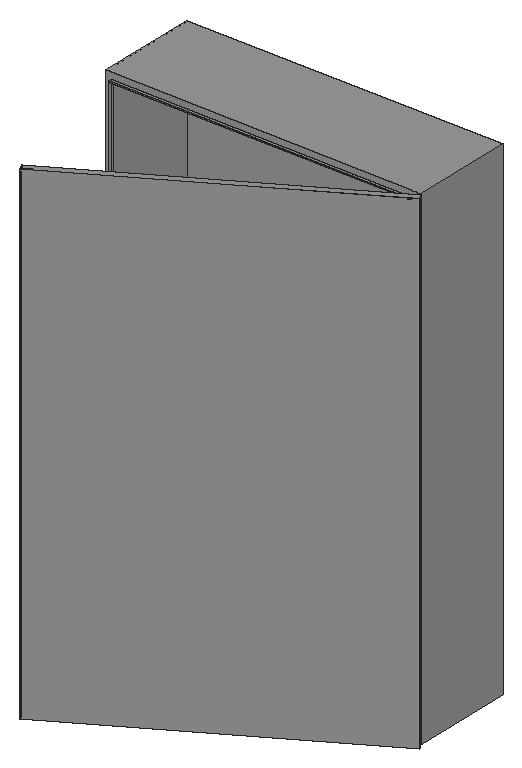
Revit family "Hager-Univers-IP55-D275-H1250-Cl.II-Steel_encl-NoHosted-NL-en", category Equipement électrique, Revit 2020
Family settings
  Configuration du panneau = Deux colonnes, circuits au sein
  Cote de connecteur circulaire = Utiliser le diamètre
  Type d'élément = Tableau de raccordement
  Basée sur le plan de construction = Oui
  Toujours verticalement = Oui
  Couper avec des vides une fois chargée = Non
  Partagée = Non
  Point de calcul de pièce = Non
Parameters (values of type "Surface mounted (plaster) IP55 W800 H1250 D275  - FR83S")
  Width Control [instance] = if([EF000008 - Width] > Min Width, [EF000008 - Width], Min Width)  # 800 mm
  Commentaires du type = [HG000003 - Range]  # "Univers"
  Thickness Door [instance] = if([EF009171 - Material plate thickness door/cover] > 3 mm, 3 mm, [EF009171 - Material plate thickness door/cover])  # 1.5 mm
  Seal Frame Offset [instance] = 17 mm  # constant formula
  Plinth Visibility [instance] = [HG000027 - Plinth height] > 0 mm  # no
  Min Width [instance] = 100 mm  # constant formula
  Min Depth [instance] = (2 * [EF009170 - Material plate thickness cabinet]) + 1 mm  # 4 mm
  Min Height [instance] = 100 mm  # constant formula
  Internal Frame Depth [instance] = (Door System Depth * 0.5)  # 9 mm
  Panel Name [instance] = ""  # (empty or 0)
  Model = ""
  HG000027 - Plinth height = 0 mm
  HG000026 - Floor standing = no
  HG000024 - Bottom section height = 600 mm
  HG000023 - Double section enclosure = no
  HG000016 - Door 3d visibility [instance] = yes
  HG000015 - Clearance visibility [instance] = no
  HG000014 - Door on the right [instance] = yes
  HG000013 - Door on the left [instance] = not([HG000014 - Door on the right])  # no
  HG000012 - Door swing angle [instance] = 30.00°
  HG000010 - Asymmetric doors = no
  HG000009 - Double swing door = no
  HG000006 - Flush mounted = no
  HG000004 - Manufacturer reference = "FR83S"
  HG000003 - Range = "Univers"
  HG000002 - With door or cover = yes
  Frame Offset Bottom [instance] = 10 mm  # constant formula
  Frame Offset [instance] = 15 mm  # constant formula
  EF015940 - Cover with overpressure release = no
  EF011959 - Degree of protection (NEMA) = ""
  EF009554 - Number of openings for flange plates = 6
  EF009212 - Cover model = "EV000116 - Closed"
  EF009171 - Material plate thickness door/cover = 1.5 mm
  EF009170 - Material plate thickness cabinet = 1.5 mm
  EF008873 - Nominal current (In) = 800 A
  EF007800 - Suitable for lightning protection = no
  EF006306 - With lock = no
  EF006244 - Transparent cover/door = no
  EF005474 - Degree of protection (IP) = "EV006420 - IP55"
  EF004464 - Type of door = "EV002646 - Single"
  EF004427 - Number of modules = 288
  EF004293 - Impact strength = "EV008784 - IK10"
  EF003532 - Suitable for outdoor use = no
  EF002950 - Width in number of modular spacings = 24
  EF001613 - Circuit integrity = "EV000494 - None"
  EF001596 - Material housing = "EV000179 - Steel"
  EF001131 - Internal depth = 275 mm
  EF001088 - Extension possible = yes
  EF000437 - Number of conduit inlets = 6
  EF000339 - Type of cover = "EV004216 - Door"
  EF000266 - Number of rows = 8
  EF000218 - Built-in depth = 0 mm
  EF000118 - With mounting plate = no
  EF000116 - RAL-number = "7035"
  EF000049 - Depth = 275 mm
  EF000040 - Height = 1250 mm
  EF000008 - Width = 800 mm
  EF000007 - Colour = "EV000270 - Grey"
  EF000003 - Mounting method = "EV000384 - Surface mounted (plaster)"
  Door System Leaf Tolerance [instance] = 1.5 mm  # constant formula
  Door System Depth [instance] = 18 mm  # constant formula
  Door Height [instance] = Height Control - [HG000027 - Plinth height]  # 1250 mm
  Description = ""
  Default Elevation = 1219.2 mm
  Connector Offset [instance] = Height Control / 2  # 625 mm
  Fabricant = "Hager"  # constant formula
  Height Control [instance] = if([EF000040 - Height] > Min Height, [EF000040 - Height], Min Height)  # 1250 mm
  Depth Control [instance] = if([EF000049 - Depth] > Min Depth, [EF000049 - Depth], Min Depth)  # 275 mm
  Bottom Top Plate Trim [instance] = 1.5 mm  # constant formula
  Plinth height Ctrl [instance] = if([HG000027 - Plinth height] > 0 mm, [HG000027 - Plinth height], 12 mm)  # 12 mm
Types (5, lengths in mm): name | Width Control | HG000010 - Asymmetric doors | HG000009 - Double swing door | HG000004 - Manufacturer reference | EF009554 - Number of openings for flange plates | EF004464 - Type of door | EF004427 - Number of modules | EF000437 - Number of conduit inlets | EF000008 - Width
  Surface mounted (plaster) IP55 W1050 H1250 D275  - FR84S | 1050 | no | yes | "FR84S" | 8 | "EV003602 - Double" | 384 | 8 | 1050
  Surface mounted (plaster) IP55 W1300 H1250 D275  - FR85S | 1300 | yes | yes | "FR85S" | 10 | "EV003602 - Double" | 480 | 10 | 1300
  Surface mounted (plaster) IP55 W300 H1250 D275  - FR81S | 300 | no | no | "FR81S" | 2 | "EV002646 - Single" | 96 | 2 | 300
  Surface mounted (plaster) IP55 W550 H1250 D275  - FR82S | 550 | no | no | "FR82S" | 4 | "EV002646 - Single" | 192 | 4 | 550
  Surface mounted (plaster) IP55 W800 H1250 D275  - FR83S | 800 | no | no | "FR83S" | 6 | "EV002646 - Single" | 288 | 6 | 800
Reference planes
  plane 1 "Center (Front/Back)": y = 0
  plane 2: z = 0
  plane 3 "Center (Left/Right)": x = 0
  plane 4: y = 0
  plane 5: y = 0
  plane 6: z = 0
  plane 7: x = -400
  plane 8: x = 400
  plane 9: x = 398.5
  plane 10: x = -398.5
  plane 11: z = 0
  plane 12: z = 1.5
  plane 13: y = -275
  plane 14: y = -1.5
  plane 15: x = 0
  plane 16: y = -257
  plane 17: y = -273.5
  plane 18: y = -255.5
  plane 19: x = -383.5
  plane 20: x = 383.5
  plane 21: z = 11.5
  plane 22: x = -383
  plane 23: x = 383
  plane 24: z = 0
  plane 25: z = 1250
  plane 26: z = 1250
  plane 27: z = 1233.5
  plane 28: z = 1248.5
Forms (mm)
  Extrusion 1, solid, material "Hager_Steel_RAL7035_Light_Grey", detail levels medium+fine
    sketch origin (-208.679, -4572, 0) x (-1, 0, 0) y (0, -1, 0)
      loop
        line (191.321, -4315) -> (-608.679, -4315) -> (-608.679, -4572) -> (191.321, -4572) -> (191.321, -4315)
    from 0 to 1250
  Extrusion 2, void
    sketch origin (-350.771, -275, 1219.2) x (1, 0, 0) y (0, 0, 1)
      loop
        line (-47.729, 29.3) -> (-47.729, -1217.7) -> (749.271, -1217.7) -> (749.271, 29.3) -> (-47.729, 29.3)
    from -19.5 to -273.5
  Extrusion 3, void
    sketch origin (-290.084, -257, 1219.2) x (1, 0, 0) y (0, 0, 1)
      loop
        line (-93.416, -1207.7) -> (673.584, -1207.7) -> (673.584, 14.3) -> (-93.416, 14.3) -> (-93.416, -1207.7)
    from 0 to -1.5
  Extrusion 4, solid, material "Hager_Steel_RAL7035_Light_Grey", visible <- "Plinth Visibility", detail levels medium+fine
    sketch origin (0, 0, 0) x (1, 0, 0) y (0, 1, 0)
      loop
        line (-400, 0) -> (-400, -257) -> (400, -257) -> (400, 0) -> (-400, 0)
    from 0 to 12 <- "Plinth height Ctrl"
  Extrusion 5, solid, material "Hager_Steel_RAL7035_Light_Grey", detail levels coarse
    sketch origin (0, 0, 0) x (1, 0, 0) y (0, 1, 0)
      loop
        line (-400, 0) -> (-400, -275) -> (400, -275) -> (400, 0) -> (-400, 0)
    from 0 to 1250 <- "Height Control"
  Sweep 6, void
    path in 3D
      loop
        line (-400, -257, 12) -> (400, -257, 12) -> (400, 0, 12) -> (-400, 0, 12) -> (-400, -257, 12)
    profile origin (-400, -128.5, 12) x (1, 0, 0) y (0, 0, 1)
      loop
        line (0, 0) -> (0, -1.5) -> (1.5, -1.5)
        arc (1.5, -1.5) -> (1.061, -0.439) -> (0, 0) r 1.5
  Extrusion 7, solid, material "Hager_Steel_RAL7035_Light_Grey", detail levels fine
    sketch origin (-400, -257, 0) x (1, 0, 0) y (0, 0, 1)
      loop
        line (16.5, 11.5) -> (783.5, 11.5) -> (783.5, 1233.5) -> (16.5, 1233.5) -> (16.5, 11.5)
      loop
        line (15, 10) -> (785, 10) -> (785, 1235) -> (15, 1235) -> (15, 10)
    from 0 to 9 <- "Internal Frame Depth"
Cuts and joins
  Extrusion 2, Extrusion 3 cuts Extrusion 1
  Sweep 6 cuts Extrusion 4
Lines and regions (mm)
  Masking region 1
    outline origin (0, 0, 0) x (1, 0, 0) y (0, 1, 0)
      loop
        line (-400, 0) -> (-400, -275) -> (400, -275) -> (400, 0) -> (-400, 0)
  Masking region 2, detail levels coarse
    outline origin (-290.084, -257, 1219.2) x (-1, 0, 0) y (0, 0, 1)
      loop
        line (-690.084, -1219.2) -> (109.916, -1219.2) -> (109.916, 30.8) -> (-690.084, 30.8) -> (-690.084, -1219.2)
  Masking region 3, detail levels coarse
    outline origin (0, 0, 0) x (0, 1, 0) y (0, 0, 1)
      loop
        line (0, 0) -> (0, 1250) -> (-275, 1250) -> (-275, 0) -> (0, 0)
  Masking region 4, visible <- "Plinth Visibility", detail levels medium+fine
    outline origin (0, 0, 0) x (0, 1, 0) y (0, 0, 1)
      loop
        line (-1.5, 12) -> (-255.5, 12)
        arc (-255.5, 12) -> (-255.939, 10.939) -> (-257, 10.5) r 1.5
        line (-257, 10.5) -> (-257, 0) -> (0, 0) -> (0, 10.5)
        arc (0, 10.5) -> (-1.061, 10.939) -> (-1.5, 12) r 1.5
  Masking region 5, detail levels medium+fine
    outline origin (0, 0, 594.038) x (0, 1, 0) y (0, 0, 1)
      loop
        line (0, -594.038) -> (0, 655.962) -> (-257, 655.962) -> (-257, -594.038) -> (0, -594.038)
  Masking region 6, detail levels medium+fine
    outline origin (-359.7, -257, 1211.883) x (-1, 0, 0) y (0, 0, 1)
      loop
        line (-759.7, -1211.883) -> (40.3, -1211.883) -> (40.3, 38.117) -> (-759.7, 38.117) -> (-759.7, -1211.883)
  Masking region 7, visible <- "Plinth Visibility", detail levels medium+fine
    outline origin (-320.334, -257, 1041.368) x (-1, 0, 0) y (0, 0, 1)
      loop
        line (-720.334, -1041.368) -> (79.666, -1041.368) -> (79.666, -1030.868)
        arc (79.666, -1030.868) -> (78.606, -1030.429) -> (78.166, -1029.368) r 1.5
        line (78.166, -1029.368) -> (-718.834, -1029.368)
        arc (-718.834, -1029.368) -> (-719.273, -1030.429) -> (-720.334, -1030.868) r 1.5
        line (-720.334, -1030.868) -> (-720.334, -1041.368)
  sketch lines
    curve 1: line (-400, 0, 12) -> (-400, -257, 12)
    curve 2: line (-400, -257, 12) -> (400, -257, 12)
    curve 3: line (400, 0, 12) -> (-400, 0, 12)
    curve 4: line (400, -257, 12) -> (400, 0, 12)
Dimensions and locks
  locked: plane 1 "Center (Front/Back)" to plane 5
  "EF009170 - Material plate thickness cabinet": plane 7 to plane 10
  "EF009170 - Material plate thickness cabinet": plane 8 to plane 9
  equal spacing: plane 7, plane 3 "Center (Left/Right)", plane 8
  "Width Control": plane 7 to plane 8
  "Depth Control": plane 4 to plane 13
  "EF009170 - Material plate thickness cabinet": plane 4 to plane 14
  "Height Control": plane 25 to level
  "HG000027 - Plinth height": plane 11 to level
  "EF009170 - Material plate thickness cabinet": plane 12 to plane 11
  "EF009170 - Material plate thickness cabinet": plane 17 to plane 13
  "EF009170 - Material plate thickness cabinet": plane 18 to plane 16
  "Frame Offset Bottom": plane 21 to plane 12
  "Frame Offset": plane 10 to plane 19
  "Frame Offset": plane 9 to plane 20
  "Door System Depth": plane 16 to plane 13
  "Seal Frame Offset": plane 7 to plane 22
  "Seal Frame Offset": plane 8 to plane 23
  "EF009170 - Material plate thickness cabinet": plane 26 to plane 28
  "Frame Offset": plane 28 to plane 27
  "Connector Offset": plane 2 to connector elem
  "Bottom Top Plate Trim": profile plane to Sweep 6 sketch curve
  "Bottom Top Plate Trim": Sweep 6 sketch curve to Sweep 6 sketch curve
  "Plinth height Ctrl": Masking region 4 sketch curve to level
  "Plinth height Ctrl": Masking region 7 sketch curve to level
  "Thickness Door": Extrusion 7 sketch curve to Extrusion 7 sketch curve  (x4)
  "Bottom Top Plate Trim": radius of Sweep 6 sketch curve
  "Bottom Top Plate Trim": radius of Masking region 4 sketch curve  (x2)
  "Bottom Top Plate Trim": radius of Masking region 7 sketch curve  (x2)
  aligned and locked: Extrusion 2 sketch curve to plane 12
  aligned and locked: Extrusion 2 sketch curve to plane 9
  aligned and locked: Extrusion 2 sketch curve to plane 10
  aligned and locked: Extrusion 2 to plane 14
  aligned and locked: Extrusion 1 sketch curve to plane 4
  aligned and locked: plane 8 to Extrusion 1 sketch curve
  aligned and locked: plane 7 to Extrusion 1 sketch curve
  aligned and locked: Extrusion 2 to plane 18
  aligned and locked: Extrusion 3 sketch curve to plane 19
  aligned and locked: plane 20 to Extrusion 3 sketch curve
  aligned and locked: Extrusion 3 to Extrusion 2
  aligned and locked: Extrusion 3 sketch curve to plane 21
  aligned and locked: plane 3 "Center (Left/Right)" to nested 1
  aligned and locked: Extrusion 1 sketch curve to plane 16
  aligned and locked: Extrusion 4 sketch curve to cut or joined group of Extrusion 1, Extrusion 2, Extrusion 3
  aligned and locked: Masking region 1 sketch curve to plane 7
  aligned and locked: Masking region 1 sketch curve to plane 5
  aligned and locked: Masking region 1 sketch curve to plane 8
  aligned and locked: Masking region 2 sketch curve to level
  aligned and locked: level to Masking region 3 sketch curve
  aligned and locked: plane 1 "Center (Front/Back)" to Masking region 3 sketch curve
  aligned and locked: plane 13 to Masking region 3 sketch curve
  aligned and locked: plane 5 to Masking region 4 sketch curve
  aligned and locked: Masking region 2 sketch curve to plane 8
  aligned and locked: Masking region 2 sketch curve to plane 7
  aligned and locked: plane 7 to nested 2
  aligned and locked: nested 2 to plane 5
  aligned and locked: plane 5 to Masking region 5 sketch curve
  aligned and locked: plane 26 to Masking region 5 sketch curve
  aligned and locked: Extrusion 5 sketch curve to plane 8
  aligned and locked: Extrusion 5 sketch curve to plane 7
  aligned and locked: Extrusion 5 sketch curve to plane 5
  aligned and locked: Extrusion 3 sketch curve to plane 27
  aligned and locked: Extrusion 2 sketch curve to plane 28
  aligned and locked: Masking region 2 to plane 25
  aligned and locked: Extrusion 4 to plane 16
  aligned and locked: profile plane to Sweep 6 sketch curve
  aligned and locked: Masking region 5 sketch curve to plane 24
  aligned and locked: level to Masking region 4 sketch curve
  aligned and locked: Masking region 1 to plane 13
  aligned and locked: nested 1 to plane 16
  aligned and locked: Masking region 3 to plane 25
  aligned and locked: plane 16 to Masking region 4 sketch curve
  aligned and locked: Masking region 5 sketch curve to plane 16
  aligned and locked: plane 24 to plane 11
  aligned and locked: plane 26 to plane 25
  aligned and locked: plane 26 to cut or joined group of Extrusion 1, Extrusion 2, Extrusion 3
  aligned and locked: nested 1 to plane 24
  aligned and locked: Extrusion 1 to Extrusion 3
  aligned and locked: Masking region 6 sketch curve to plane 8
  aligned and locked: Masking region 6 sketch curve to plane 24
  aligned and locked: Masking region 6 sketch curve to plane 7
  aligned and locked: Masking region 6 sketch curve to plane 26
  aligned and locked: Masking region 7 sketch curve to plane 7
  aligned and locked: level to Masking region 7 sketch curve
  aligned and locked: Masking region 7 sketch curve to plane 8
  aligned and locked: Extrusion 7 sketch curve to cut or joined group of Extrusion 1, Extrusion 2, Extrusion 3  (x4)
Automatic sketch dimensions
  plane 19 to Extrusion 3 sketch curve = 0 mm
  Extrusion 3 sketch curve to plane 20 = 0 mm
  Extrusion 3 sketch curve to plane 21 = 0 mm
  Extrusion 4 sketch curve to plane 7 = 0 mm
  Extrusion 4 sketch curve to plane 8 = 0 mm
  Extrusion 4 sketch curve to plane 16 = 0 mm
  Masking region 1 sketch curve to plane 13 = 0 mm
  Masking region 2 sketch curve to plane 25 = 0 mm
  Masking region 3 sketch curve to plane 25 = 0 mm
  Extrusion 5 sketch curve to plane 13 = 0 mm
  profile plane to Sweep 6 sketch curve = 0 mm
Nested families
  nested 1: "EC000058_Univers_Door" at (0, -257, 0), Double <- "HG000009 - Double swing door", Transparent <- "EF006244 - Transparent cover/door", Angle <- "HG000012 - Door swing angle", Door_Right <- "HG000014 - Door on the right", Assymetrical <- "HG000010 - Asymmetric doors", Door <- "HG000002 - With door or cover", Width_Ctrl <- "Width Control", 3d_Door <- "HG000016 - Door 3d visibility", Clearance <- "HG000015 - Clearance visibility", Door_Left <- "HG000013 - Door on the left", Width <- "Width Control", Door_Depth <- "Door System Depth", Leaf_Tolerance <- "Door System Leaf Tolerance", Height <- "Door Height", Lock_Visibility <- "EF006306 - With lock", Thickness <- "Thickness Door", type "EC000058_Univers_Door", detail levels medium+fine
    with min_wh 4 mm, Width_Ctrl 800 mm, Width 800 mm, Transparent no, Thickness 1.5 mm, Seal_Material Hager_Rubber, Lock_Visibility no, Lock_Material Hager_Plastic_RAL9005_Jet_Black, Leaf_Width 800 mm, Leaf_Tolerance_External_Sides 0 mm, Leaf_Tolerance 1.5 mm, Leaf_Offset 0 mm, Leaf_Height 1247 mm, Leaf_2_Width 800 mm, Leaf_2_Offset 400 mm, Leaf_1_Width 800 mm, Leaf_1_Offset 400 mm, Height_Ctrl 1250 mm, Height 1250 mm, Glass_Material Hager_Glass, Double_Clearance_Ctrl no, Double no, Door_Right_Ctrl yes, Door_Right yes, Door_Material Hager_Steel_RAL7035_Light_Grey, Door_Left_Ctrl no, Door_Left no, Door_Depth 18 mm, Door yes, Clearance_Material Hager_Clearance, Clearance_Depth 800 mm, Clearance_Ctrl no, Clearance no, Assymetrical no, Angle 30.00°, 3d_Door yes
  nested 2: "Hager_Enclosure_Symbol" at (-400, 0, 0), Height <- "Depth Control", Width <- "Width Control", type "Hager_Enclosure_Symbol"
    with Width_Ctrl 800 mm, Width 800 mm, Height_Ctrl 275 mm, Height 275 mm, A_Width_Int 18.047 mm, A_Width 216.562 mm, A_Height_Ctrl 240.625 mm, A_Height 240.625 mm
Connectors
  electrical at (0, 0, 625)
    settings: on plane 1 "Center (Front/Back)", index 1, voltage 0 V, apparent load 0 VA, apparent load phase1 0 VA, apparent load phase2 0 VA, apparent load phase3 0 VA, power factor 1, load classification "Other", number of poles 1, system type 30, power factor state 1, is connector primary yes, connector utility no, sub classification motor no, connector description ""
Definition of nested family "EC000058_Univers_Door"
  Parameters (values of type "EC000058_Univers_Door")
    min_wh [instance] = (2 * Thickness) + 1 mm  # 11 mm
    Width_Ctrl [instance] = 400 mm
    Width [instance] = 500 mm
    Transparent [instance] = yes
    Thickness [instance] = 5 mm
    Seal_Material [instance] = none
    Lock_Visibility [instance] = yes
    Lock_Material [instance] = none
    Leaf_Width [instance] = if((Width_Ctrl - 2 * Leaf_Tolerance_External_Sides) > 0 mm, (Width_Ctrl - 2 * Leaf_Tolerance_External_Sides), min_wh)  # 400 mm
    Leaf_Tolerance_External_Sides [instance] = 0 mm  # constant formula
    Leaf_Tolerance [instance] = 1.5 mm
    Leaf_Offset [instance] = 0 mm  # constant formula
    Leaf_Height [instance] = if((Height_Ctrl - 2 * Leaf_Tolerance) > 0 mm, (Height_Ctrl - 2 * Leaf_Tolerance), min_wh)  # 497 mm
    Leaf_2_Width [instance] = if(and(and(Double, Assymetrical), Door_Left), (Leaf_Width / 3) - (Leaf_Tolerance / 2), if(and(and(Double, Assymetrical), Door_Right), (Leaf_Width / 3) * 2 - (Leaf_Tolerance / 2), if(and(Double, not(Assymetrical)), (Leaf_Width / 2) - Leaf_Tolerance, Leaf_Width)))  # 400 mm
    Leaf_2_Offset [instance] = if(and(Double, Assymetrical), Leaf_2_Width / 2, if(and(Double, not(Assymetrical)), Leaf_Width / 4, Leaf_Width / 2))  # 200 mm
    Leaf_1_Width [instance] = if(and(and(Double, Assymetrical), Door_Right), (Leaf_Width / 3) - (Leaf_Tolerance / 2), if(and(and(Double, Assymetrical), Door_Left), (Width / 3) * 2 - (Leaf_Tolerance / 2), if(and(Double, not(Assymetrical)), (Leaf_Width / 2) - Leaf_Tolerance, Leaf_Width)))  # 400 mm
    Leaf_1_Offset [instance] = if(and(Double, Assymetrical), Leaf_1_Width / 2, if(and(Double, not(Assymetrical)), Leaf_Width / 4, Leaf_Width / 2))  # 200 mm
    Height_Ctrl [instance] = if(Height > min_wh, Height, min_wh)  # 500 mm
    Height [instance] = 500 mm
    Glass_Material [instance] = none
    Double_Clearance_Ctrl [instance] = and(Double, Clearance)  # no
    Double [instance] = no
    Door_Right_Ctrl [instance] = and(or(Door_Right, Double), Door)  # yes
    Door_Right [instance] = yes
    Door_Material [instance] = none
    Door_Left_Ctrl [instance] = and(or(Door_Left, Double), Door)  # no
    Door_Left [instance] = no
    Door_Depth [instance] = 30 mm
    Door [instance] = yes
    Default Elevation = 1219.2 mm
    Clearance_Material [instance] = none
    Clearance_Depth [instance] = if(Leaf_1_Width > Leaf_2_Width, Leaf_1_Width, Leaf_2_Width)  # 400 mm
    Clearance_Ctrl [instance] = and(not(Double), Clearance)  # yes
    Clearance [instance] = yes
    Assymetrical [instance] = yes
    Angle [instance] = 30.00°
    3d_Door [instance] = yes
  Reference planes
    plane 1 "Center (Front/Back)": y = 0
    plane 2 "Bottom": z = 0
    plane 3 "Center (Left/Right)": x = 0
    plane 4: z = 500
    plane 5: x = -200
    plane 6: x = 200
    plane 7: z = 500
    plane 8: x = -200
    plane 9: z = 0
    plane 10: x = 200
    plane 11: y = 0
    plane 12: z = 1.5
    plane 13: x = -600
    plane 14: y = -400
    plane 15: x = 600
    plane 16: x = 0
    plane 17: x = 0
    plane 18: x = -200
    plane 19: x = 200
    plane 20: z = 498.5
  Forms (mm)
    Extrusion 1, solid, material <- "Clearance_Material", visible <- "Double_Clearance_Ctrl"
      sketch origin (1200, 0, 0) x (1, 0, 0) y (0, 0, -1)
        loop
          line (-1800, -498.5) -> (-600, -498.5) -> (-600, 0) -> (-1800, 0) -> (-1800, -498.5)
      from 0 to -400
  Dimensions and locks
    equal spacing: plane 5, plane 3 "Center (Left/Right)", plane 6
    "Width_Ctrl": plane 5 to plane 6
    "Leaf_Offset": plane 5 to plane 8
    "Leaf_Offset": plane 6 to plane 10
    "Leaf_Offset": plane 9 to level
    "Leaf_Offset": plane 4 to plane 7
    "Height_Ctrl": plane 4 to level
    "Leaf_Tolerance": plane 12 to plane 9
    locked: plane 11 to plane 1 "Center (Front/Back)"
    "Leaf_1_Offset": plane 18 to plane 16
    "Leaf_2_Offset": plane 17 to plane 19
    "Leaf_1_Width": plane 13 to plane 8
    "Leaf_2_Width": plane 10 to plane 15
    "Clearance_Depth": plane 14 to plane 1 "Center (Front/Back)"
    "Leaf_Tolerance_External_Sides": plane 8 to plane 18
    "Leaf_Tolerance_External_Sides": plane 19 to plane 10
    "Leaf_Tolerance": plane 7 to plane 20
    aligned and locked: level to plane 2 "Bottom"
    aligned and locked: nested 1 to plane 16
    aligned and locked: nested 2 to plane 17
    aligned and locked: Extrusion 1 to plane 13
    aligned and locked: plane 15 to Extrusion 1
    aligned and locked: Extrusion 1 to plane 14
    aligned and locked: plane 12 to nested 1
    aligned and locked: nested 2 to plane 12
    aligned and locked: Extrusion 1 to plane 11
    aligned and locked: plane 20 to Extrusion 1
    aligned and locked: nested 2 to plane 11
    aligned and locked: nested 1 to plane 11
  Automatic sketch dimensions
    Extrusion 1 sketch curve to level = 0 mm
    plane 5 to Extrusion 1 sketch curve = 400 mm
    plane 6 to Extrusion 1 sketch curve = 400 mm
    Extrusion 1 sketch curve to plane 4 = 1.5 mm
  Nested families
    nested 1: "EC000058_Univers_Door_Leaf" at (0, 0, 1.5), Width <- "Leaf_1_Width", visible <- "Door_Left_Ctrl", Leaf_Height <- "Leaf_Height", Angle <- "Angle", 3d_Door <- "3d_Door", Transparent <- "Transparent", Clearance Material <- "Clearance_Material", Clearance <- "Clearance_Ctrl", Door_Material <- "Door_Material", Glass_Material <- "Glass_Material", Door_Depth <- "Door_Depth", Lock_Material <- "Lock_Material", Seal_Material <- "Seal_Material", Lock_Visibility <- "Lock_Visibility", Thickness <- "Thickness", type "EC000058_Univers_Door_Leaf"
      with Width 400 mm, Transparent_Glass_Offset 30 mm, Transparent_Ctrl yes, Transparent yes, Thickness 5 mm, Standard no, Seal_Material none, Seal_D2 8 mm, Seal_D1 1 mm, Offset_Internal_Frame 10 mm, Lock_Width 20 mm, Lock_Visibility_3d yes, Lock_Visibility yes, Lock_Thickness_3 3 mm, Lock_Thickness_2 1 mm, Lock_Thickness_1 3 mm, Lock_Radius_Offset_2 16 mm, Lock_Radius_Offset_1 15 mm, Lock_Radius_2 5 mm, Lock_Radius 6 mm, Lock_Offset 5 mm, Lock_Material none, Lock_Height 80 mm, Lock_Cover_Top_Offset_2d 17 mm, Lock_Cover_Height -65 mm, Leaf_Height 497 mm, Internal_Seal_Thickness 8 mm, Internal_Seal_Depth_2 4.5 mm, Internal_Frame_Depth 25 mm, Glass_Thickness -1 mm, Glass_Offset -2 mm, Glass_Material none, Door_Material none, Door_Depth 30 mm, Clearance Material none, Clearance yes, Angle_Ctrl 30.00°, Angle 30.00°, 3d_Door yes
    nested 2: "EC000058_Univers_Door_Leaf" at (0, 0, 1.5) x (-1, 0, 0) z (0, 0, 1), Width <- "Leaf_2_Width", visible <- "Door_Right_Ctrl", Leaf_Height <- "Leaf_Height", Angle <- "Angle", 3d_Door <- "3d_Door", Transparent <- "Transparent", Clearance Material <- "Clearance_Material", Clearance <- "Clearance_Ctrl", Door_Material <- "Door_Material", Glass_Material <- "Glass_Material", Door_Depth <- "Door_Depth", Lock_Material <- "Lock_Material", Seal_Material <- "Seal_Material", Lock_Visibility <- "Lock_Visibility", Thickness <- "Thickness", type "EC000058_Univers_Door_Leaf"
      with Width 400 mm, Transparent_Glass_Offset 30 mm, Transparent_Ctrl yes, Transparent yes, Thickness 5 mm, Standard no, Seal_Material none, Seal_D2 8 mm, Seal_D1 1 mm, Offset_Internal_Frame 10 mm, Lock_Width 20 mm, Lock_Visibility_3d yes, Lock_Visibility yes, Lock_Thickness_3 3 mm, Lock_Thickness_2 1 mm, Lock_Thickness_1 3 mm, Lock_Radius_Offset_2 16 mm, Lock_Radius_Offset_1 15 mm, Lock_Radius_2 5 mm, Lock_Radius 6 mm, Lock_Offset 5 mm, Lock_Material none, Lock_Height 80 mm, Lock_Cover_Top_Offset_2d 17 mm, Lock_Cover_Height -65 mm, Leaf_Height 497 mm, Internal_Seal_Thickness 8 mm, Internal_Seal_Depth_2 4.5 mm, Internal_Frame_Depth 25 mm, Glass_Thickness -1 mm, Glass_Offset -2 mm, Glass_Material none, Door_Material none, Door_Depth 30 mm, Clearance Material none, Clearance yes, Angle_Ctrl 30.00°, Angle 30.00°, 3d_Door yes
  Definition of nested family "EC000058_Univers_Door_Leaf"
    Parameters (values of type "EC000058_Univers_Door_Leaf")
      Width [instance] = 2000 mm
      Transparent_Glass_Offset [instance] = 30 mm
      Transparent_Ctrl [instance] = and(Transparent, [3d_Door])  # yes
      Transparent [instance] = yes
      Thickness [instance] = 5 mm
      Standard [instance] = and(not(Transparent), [3d_Door])  # no
      Seal_Material [instance] = none
      Seal_D2 [instance] = 8 mm  # constant formula
      Seal_D1 [instance] = 1 mm  # constant formula
      Offset_Internal_Frame [instance] = 10 mm  # constant formula
      Lock_Width [instance] = 20 mm  # constant formula
      Lock_Visibility_3d [instance] = and(Lock_Visibility, [3d_Door])  # yes
      Lock_Visibility [instance] = yes
      Lock_Thickness_3 [instance] = 3 mm  # constant formula
      Lock_Thickness_2 [instance] = 1 mm  # constant formula
      Lock_Thickness_1 [instance] = 3 mm  # constant formula
      Lock_Radius_Offset_2 [instance] = Lock_Radius_Offset_1 + 1 mm  # 16 mm
      Lock_Radius_Offset_1 [instance] = 15 mm  # constant formula
      Lock_Radius_2 [instance] = Lock_Radius - 1 mm  # 5 mm
      Lock_Radius [instance] = 6 mm  # constant formula
      Lock_Offset [instance] = 5 mm  # constant formula
      Lock_Material [instance] = none
      Lock_Height [instance] = 80 mm  # constant formula
      Lock_Cover_Top_Offset_2d [instance] = Lock_Radius_Offset_2 + 1 mm  # 17 mm
      Lock_Cover_Height [instance] = -(Lock_Height - Lock_Radius_Offset_1)  # -65 mm
      Leaf_Height [instance] = 2720.336 mm
      Internal_Seal_Thickness [instance] = 8 mm  # constant formula
      Internal_Seal_Depth_2 [instance] = 4.5 mm  # constant formula
      Internal_Frame_Depth [instance] = if(Door_Depth - Thickness > 5 mm, Door_Depth - Thickness, 5 mm)  # 25 mm
      Glass_Thickness [instance] = if(Thickness > 15 mm, Glass_Offset + 10 mm, -1 mm)  # -1 mm
      Glass_Offset [instance] = if(Thickness > 15 mm, -(Thickness + 10 mm) / 2, -2 mm)  # -2 mm
      Glass_Material [instance] = none
      Door_Material [instance] = none
      Door_Depth [instance] = 30 mm
      Default Elevation = 0 mm
      Clearance Material [instance] = none
      Clearance [instance] = yes
      Angle_Ctrl [instance] = if(Angle > 180.00°, 180.00°, Angle)  # 90.00°
      Angle [instance] = 90.00°
      3d_Door [instance] = yes
    Reference planes
      plane 1 "Center (Front/Back)": y = 0
      plane 2: z = 0
      plane 3 "Center (Left/Right)": x = 0
      plane 4: y = 2000
      plane 5: x = -1000
      plane 6: x = 1000
      plane 7: x = -3000
      plane 8: z = 2720.336
      plane 9: z = 30
      plane 10: z = 2690.336
      plane 11: x = 970
      plane 12: x = -970
      plane 13: y = -3
      plane 14: z = 107.833
      plane 15: y = -5
      plane 16: y = -223.314
      plane 17: x = -1000
      plane 18: z = 1360.168
      plane 19: y = 30
    Forms (mm)
      Extrusion 1, solid, material <- "Clearance Material", visible <- "Clearance"
        sketch origin (0, 0, 0) x (1, 0, 0) y (0, 0, 1)
          loop
            line (-3000, 2720.336) -> (-3000, 0) -> (1000, 0) -> (1000, 2720.336) -> (-3000, 2720.336)
        from 0 to -2000
      Extrusion 2, solid, material <- "Door_Material", visible <- "Standard", detail levels medium+fine
        sketch origin (-1000, 0, 0) x (0, 1, 0) y (-1, 0, 0)
          loop
            line (0, 30) -> (0, 25) -> (2000, 25) -> (2000, 30) -> (0, 30)
        from 0 to 2720.336 <- "Leaf_Height"
      Extrusion 3, solid, material <- "Door_Material", visible <- "Transparent_Ctrl", detail levels medium+fine
        sketch origin (-1000, 0, 0) x (0, 1, 0) y (-1, 0, 0)
          loop
            line (0, 25) -> (2000, 25) -> (2000, 30) -> (0, 30) -> (0, 25)
        from 0 to 2720.336 <- "Leaf_Height"
      Extrusion 4, void
        sketch origin (-1025, 2000, 0) x (0, 1, 0) y (0, 0, -1)
          loop
            line (-30, -2690.336) -> (-30, -30) -> (-1970, -30) -> (-1970, -2690.336) -> (-30, -2690.336)
        from 0 to 5 <- "Thickness"
      Sweep 5, solid, material <- "Seal_Material", visible <- "Transparent_Ctrl", detail levels fine
        path in 3D
          loop
            line (-1025, 30, 30) -> (-1025, 30, 2690.336) -> (-1025, 1970, 2690.336) -> (-1025, 1970, 30) -> (-1025, 30, 30)
        profile origin (-1025, 1000, 30) x (1, 0, 0) y (0, 0, 1)
          loop
            line (0, 0) -> (0, -8) -> (1, -8) -> (1, 0) -> (0, 0)
      Extrusion 6, solid, material <- "Glass_Material", visible <- "Transparent_Ctrl", detail levels medium+fine
        sketch origin (-1030, 0, 0) x (0, 1, 0) y (0, 0, -1)
          loop
            line (1970, -2690.336) -> (1970, -30) -> (30, -30) -> (30, -2690.336) -> (1970, -2690.336)
        from -2 <- "Glass_Offset" to -1 <- "Glass_Thickness"
      Extrusion 7, solid, material <- "Door_Material", visible <- "3d_Door", detail levels medium+fine
        sketch origin (-1025, 2000, 0) x (0, -1, 0) y (0, 0, -1)
          loop
            line (0, -2720.336) -> (2000, -2720.336) -> (2000, 0) -> (0, 0) -> (0, -2720.336)
          loop
            line (1995, -5) -> (5, -5) -> (5, -2715.336) -> (1995, -2715.336) -> (1995, -5)
        from 0 to 25 <- "Internal_Frame_Depth"
      Sweep 8, solid, material <- "Seal_Material", visible <- "Transparent_Ctrl", detail levels fine
        path in 3D
          loop
            line (-1025, 0, 0) -> (-1025, 2000, 0) -> (-1025, 2000, 2720.336) -> (-1025, 0, 2720.336) -> (-1025, 0, 0)
        profile origin (-1025, 0, 1360.168) x (1, 0, 0) y (0, 1, 0)
          loop
            line (0, 10) -> (2.975, 10)
            arc (2.975, 10) -> (4.053, 10.447) -> (4.5, 11.525) r 1.525
            line (4.5, 11.525) -> (4.5, 16.527)
            arc (4.5, 16.527) -> (4.069, 17.569) -> (3.027, 18) r 1.473
            line (3.027, 18) -> (0, 18) -> (0, 10)
      Extrusion 9, solid, material <- "Lock_Material", visible <- "Lock_Visibility_3d", detail levels fine
        sketch origin (-1030, 0, 0) x (0, 1, 0) y (0, 0, -1)
          loop
            arc (1993.5, -1400.168) -> (1994.561, -1399.729) -> (1995, -1398.668) r 1.5
            line (1995, -1398.668) -> (1995, -1320.168) -> (1975, -1320.168) -> (1975, -1398.668)
            arc (1975, -1398.668) -> (1975.439, -1399.729) -> (1976.5, -1400.168) r 1.5
            line (1976.5, -1400.168) -> (1993.5, -1400.168)
        from 3 <- "Lock_Thickness_1" to 0
      Blend 10, solid, material <- "Lock_Material", visible <- "Lock_Visibility_3d", detail levels fine
        base sketch origin (-1033, 0, 0) x (0, 1, 0) y (0, 0, -1)
          loop
            line (1975, -1320.168) -> (1975, -1398.668)
            arc (1975, -1398.668) -> (1975.439, -1399.729) -> (1976.5, -1400.168) r 1.5
            line (1976.5, -1400.168) -> (1993.5, -1400.168)
            arc (1993.5, -1400.168) -> (1994.561, -1399.729) -> (1995, -1398.668) r 1.5
            line (1995, -1398.668) -> (1995, -1320.168) -> (1975, -1320.168)
        top sketch origin (-1033, 0, 0) x (0, 1, 0) y (0, 0, -1)
          loop
            line (1976, -1320.168) -> (1976, -1398.668)
            arc (1976, -1398.668) -> (1976.146, -1399.022) -> (1976.5, -1399.168) r 0.5
            line (1976.5, -1399.168) -> (1993.5, -1399.168)
            arc (1993.5, -1399.168) -> (1993.854, -1399.022) -> (1994, -1398.668) r 0.5
            line (1994, -1398.668) -> (1994, -1320.168) -> (1976, -1320.168)
        from 0 to 1 <- "Lock_Thickness_2"
      Blend 11, solid, material <- "Lock_Material", visible <- "Lock_Visibility_3d", detail levels fine
        base sketch origin (-1034, 0, 0) x (0, 1, 0) y (0, 0, -1)
          loop
            line (1978, -1320.168) -> (1978, -1384.168)
            arc (1978, -1384.168) -> (1985, -1391.168) -> (1992, -1384.168) r 7
            line (1992, -1384.168) -> (1992, -1320.168) -> (1978, -1320.168)
        top sketch origin (-1034, 0, 0) x (0, 1, 0) y (0, 0, -1)
          loop
            line (1991, -1320.168) -> (1979, -1320.168) -> (1979, -1383.168)
            arc (1979, -1383.168) -> (1985, -1389.168) -> (1991, -1383.168) r 6
            line (1991, -1383.168) -> (1991, -1320.168)
        from 0 to 3 <- "Lock_Thickness_3"
      Extrusion 12, solid, material <- "Lock_Material", visible <- "Lock_Visibility_3d", detail levels fine
        sketch origin (-1030, 1975, 1320.168) x (1, 0, 0) y (0, -1, 0)
          loop
            line (-7, -19) -> (-7, -1) -> (0, -1) -> (0, 0) -> (-8, 0) -> (-8, -20) -> (0, -20) -> (0, -19) -> (-7, -19)
        from 0 to -65 <- "Lock_Cover_Height"
      Extrusion 13, void
        sketch origin (-1038, 1995, 1320.168) x (-1, 0, 0) y (0, 0, -1)
          loop
            line (-5, -65) -> (0, -65) -> (-5, -60) -> (-5, -65)
        from 0 to 20 <- "Lock_Width"
      Extrusion 14, void
        sketch origin (-1038, 1975, 1320.168) x (0, -1, 0) y (0, 0, -1)
          loop
            circle (-10, -15.995) r 6
          loop
            circle (-10, -15.995) r 5
        from 0 to 2
      Extrusion 15, solid, material <- "Lock_Material", visible <- "Lock_Visibility_3d", detail levels medium
        sketch origin (-1030, 0, 0) x (0, 1, 0) y (0, 0, -1)
          loop
            arc (1993.5, -1400.168) -> (1994.561, -1399.729) -> (1995, -1398.668) r 1.5
            line (1995, -1398.668) -> (1995, -1320.168) -> (1975, -1320.168) -> (1975, -1398.668)
            arc (1975, -1398.668) -> (1975.439, -1399.729) -> (1976.5, -1400.168) r 1.5
            line (1976.5, -1400.168) -> (1993.5, -1400.168)
        from 8 to 0
    Cuts and joins
      Extrusion 4 cuts Extrusion 3
      Extrusion 13, Extrusion 14 cuts Extrusion 9
      Extrusion 14 cuts Blend 11
      Extrusion 13, Extrusion 14 cuts Extrusion 12
      joined: Extrusion 9, Blend 10, Blend 11, Extrusion 12
      Extrusion 14 cuts Extrusion 15
    Lines and regions (mm)
      Masking region 1, visible <- "Lock_Visibility", detail levels fine
        outline origin (0, 0, 0) x (0, 1, 0) y (0, 0, 1)
          loop
            line (30, 1320.168) -> (33, 1320.168) -> (33, 1400.168) -> (30, 1400.168) -> (30, 1320.168)
      Masking region 2, visible <- "Lock_Visibility", detail levels fine
        outline origin (0, 3.143, 0) x (0, 1, 0) y (0, 0, 1)
          loop
            line (29.857, 1354.168) -> (30.857, 1354.168) -> (30.857, 1366.168) -> (29.857, 1366.168) -> (29.857, 1354.168)
      Masking region 3, detail levels medium+fine
        outline origin (0, 0, 0) x (0, 1, 0) y (0, 0, 1)
          loop
            line (0, 0) -> (30, 0) -> (30, 2720.336) -> (0, 2720.336) -> (0, 0)
      Masking region 4, detail levels medium+fine
        outline origin (0, 0, 0) x (1, 0, 0) y (0, 0, 1)
          loop
            line (-1000, 2720.336) -> (-1000, 0) -> (1000, 0) -> (1000, 2720.336) -> (-1000, 2720.336)
      Masking region 5, visible <- "Lock_Visibility", detail levels fine
        outline origin (-47.116, 0, 0) x (1, 0, 0) y (0, 0, 1)
          loop
            arc (1024.616, 1399.168) -> (1023.556, 1398.729) -> (1023.116, 1397.668) r 1.5
            line (1023.116, 1397.668) -> (1023.116, 1320.168) -> (1041.116, 1320.168) -> (1041.116, 1397.668)
            arc (1041.116, 1397.668) -> (1040.677, 1398.729) -> (1039.616, 1399.168) r 1.5
            line (1039.616, 1399.168) -> (1024.616, 1399.168)
      Masking region 6, visible <- "Lock_Visibility", detail levels medium+fine
        outline origin (-25, 0, 0) x (1, 0, 0) y (0, 0, 1)
          loop
            arc (1001.5, 1400.168) -> (1000.439, 1399.729) -> (1000, 1398.668) r 1.5
            line (1000, 1398.668) -> (1000, 1320.168) -> (1020, 1320.168) -> (1020, 1398.668)
            arc (1020, 1398.668) -> (1019.561, 1399.729) -> (1018.5, 1400.168) r 1.5
            line (1018.5, 1400.168) -> (1001.5, 1400.168)
      Masking region 7, visible <- "Lock_Visibility", detail levels fine
        outline origin (-73.735, 0, 0) x (1, 0, 0) y (0, 0, 1)
          loop
            line (1051.735, 1382.168) -> (1065.735, 1382.168) -> (1065.735, 1384.168)
            arc (1065.735, 1384.168) -> (1058.735, 1391.168) -> (1051.735, 1384.168) r 7
            line (1051.735, 1384.168) -> (1051.735, 1382.168)
      Masking region 8, visible <- "Lock_Visibility", detail levels fine
        outline origin (-73.735, 0, 0) x (1, 0, 0) y (0, 0, 1)
          loop
            line (1052.735, 1382.168) -> (1064.735, 1382.168) -> (1064.735, 1383.168)
            arc (1064.735, 1383.168) -> (1058.735, 1389.168) -> (1052.735, 1383.168) r 6
            line (1052.735, 1383.168) -> (1052.735, 1382.168)
      Masking region 9, visible <- "Lock_Visibility", detail levels fine
        outline origin (-25, 0, 0) x (1, 0, 0) y (0, 0, 1)
          loop
            line (1020, 1320.168) -> (1020, 1382.168) -> (1000, 1382.168) -> (1000, 1320.168) -> (1020, 1320.168)
      Masking region 10, detail levels medium+fine
        outline origin (0, 0, 0) x (1, 0, 0) y (0, 0, 1)
          loop
            circle (985, 1335.144) r 6
      Masking region 11, detail levels fine
        outline origin (0, 0, 0) x (1, 0, 0) y (0, 0, 1)
          loop
            circle (985, 1335.144) r 5
      Masking region 12, visible <- "Lock_Visibility", detail levels fine
        outline origin (0, 12.767, 0) x (0, 1, 0) y (0, 0, 1)
          loop
            line (20.233, 1320.168) -> (21.233, 1320.168) -> (21.233, 1399.168) -> (20.233, 1400.168) -> (20.233, 1320.168)
      Masking region 13, visible <- "Lock_Visibility", detail levels fine
        outline origin (0, 13.767, -10) x (0, 1, 0) y (0, 0, 1)
          loop
            line (20.233, 1330.168) -> (23.233, 1330.168) -> (23.233, 1399.168) -> (20.233, 1402.168) -> (20.233, 1330.168)
      Masking region 14, visible <- "Lock_Visibility", detail levels fine
        outline origin (0, 12.767, -10) x (0, 1, 0) y (0, 0, 1)
          loop
            line (20.233, 1330.168) -> (25.233, 1330.168) -> (25.233, 1399.305) -> (20.233, 1394.305) -> (20.233, 1330.168)
      Masking region 15, visible <- "Lock_Visibility", detail levels medium
        outline origin (0, 0, 0) x (0, 1, 0) y (0, 0, 1)
          loop
            line (30, 1320.168) -> (38, 1320.168) -> (38, 1400.168) -> (30, 1400.168) -> (30, 1320.168)
      Masking region 16, visible <- "Lock_Visibility", detail levels fine
        outline origin (-1000, 0, 0) x (0, 1, 0) y (-1, 0, 0)
          loop
            line (1975, 30) -> (1995, 30) -> (1995, 38) -> (1975, 38) -> (1975, 30)
          loop
            line (1979, 37) -> (1976, 37) -> (1976, 34) -> (1978, 34) -> (1979, 37)
          loop
            line (1994, 37) -> (1991, 37) -> (1992, 34) -> (1994, 34) -> (1994, 37)
      Masking region 17, visible <- "Lock_Visibility", detail levels medium
        outline origin (-1000, 0, 0) x (0, 1, 0) y (-1, 0, 0)
          loop
            line (1975, 30) -> (1995, 30) -> (1995, 38) -> (1975, 38) -> (1975, 30)
      symbolic lines
        curve 1: line (1000, 0, 0) -> (-3000, 0, 0)
        curve 2: arc (1000, 0, 0) -> (-1000, 2000, 0) -> (-3000, 0, 0) r 2000
        curve 4: line (-1030, 0, 0) -> (-1030, 2000, 0)
      reference lines
        curve 3: line (-1000, 0, 0) -> (-1000, 2000, 0)
      symbolic lines, detail levels medium+fine
        curve 5: line (-1030, 2000, 0) -> (-1025, 2000, 0)
        curve 7: line (-1025, 0, 0) -> (-1030, 0, 0)
        curve 8: line (-1025, 0, 0) -> (-1000, 0, 0)
        curve 9: line (-1000, 0, 0) -> (-1000, 2000, 0)
        curve 10: line (-1000, 2000, 0) -> (-1025, 2000, 0)
      symbolic lines, detail levels fine
        curve 6: line (-1025, 2000, 0) -> (-1025, 0, 0)
      sketch lines
        curve 11: line (-1025, 0, 2720.336) -> (-1025, 0, 0)
        curve 12: line (-1025, 2000, 0) -> (-1025, 0, 0)
        curve 13: line (-1025, 2000, 2720.336) -> (-1025, 2000, 0)
        curve 14: line (-1025, 0, 2720.336) -> (-1025, 2000, 2720.336)
        curve 15: line (-1025, 1970, 30) -> (-1025, 30, 30)
        curve 16: line (-1025, 30, 30) -> (-1025, 30, 2690.336)
        curve 17: line (-1025, 1970, 2690.336) -> (-1025, 1970, 30)
        curve 18: line (-1025, 30, 2690.336) -> (-1025, 1970, 2690.336)
      symbolic lines, visible <- "Transparent", detail levels medium+fine
        curve 19: line (-970, 0, 2690.336) -> (970, 0, 2690.336)
        curve 20: line (-970, 0, 30) -> (-970, 0, 2690.336)
        curve 21: line (970, 0, 30) -> (-970, 0, 30)
        curve 22: line (970, 0, 2690.336) -> (970, 0, 30)
    Dimensions and locks
      "Width": plane 1 "Center (Front/Back)" to plane 4
      equal spacing: plane 5, plane 3 "Center (Left/Right)", plane 6
      "Width": plane 5 to plane 6
      "Width": plane 7 to plane 5
      "Leaf_Height": plane 8 to level
      "Width": curve 5 to curve 3
      "Width": curve 3 to curve 3
      plane 8 to plane 10 = 30 mm
      plane 9 to level = 30 mm
      plane 12 to plane 5 = 30 mm
      plane 6 to plane 11 = 30 mm
      Extrusion 1 to Extrusion 4 sketch curve = 30 mm
      "Transparent_Glass_Offset": curve 3 to Extrusion 4 sketch curve
      "Transparent_Glass_Offset": Extrusion 4 sketch curve to cut or joined group of Extrusion 3, Extrusion 4  (x2)
      cut or joined group of Extrusion 3, Extrusion 4 to Extrusion 6 sketch curve = 30 mm
      "Transparent_Glass_Offset": cut or joined group of Extrusion 3, Extrusion 4 to Extrusion 4 sketch curve
      "Thickness": curve 6 to curve 4
      "Thickness": Extrusion 7 sketch curve to Extrusion 7 sketch curve  (x4)
      "Door_Depth": curve 4 to curve 3
      "Offset_Internal_Frame": profile plane to Sweep 8 sketch curve
      "Internal_Seal_Thickness": Sweep 8 sketch curve to Sweep 8 sketch curve
      "Internal_Seal_Depth_2": profile plane to Sweep 8 sketch curve
      "Seal_D1": profile plane to Sweep 5 sketch curve
      "Seal_D2": profile plane to Sweep 5 sketch curve
      "Thickness": Extrusion 2 sketch curve to Extrusion 2 sketch curve
      equal spacing: Extrusion 9 sketch curve, plane 18, Extrusion 9 sketch curve  (x2)
      equal spacing: Masking region 1 sketch curve, plane 18, Masking region 1 sketch curve
      "Lock_Height": Masking region 1 sketch curve to Masking region 1 sketch curve
      "Lock_Radius": Masking region 2 sketch curve to plane 18 to Masking region 2 sketch curve
      Masking region 2 sketch curve to Masking region 1 = 1 mm
      "Door_Depth": plane 19 to plane 1 "Center (Front/Back)"
      "Lock_Thickness_1": Masking region 1 sketch curve to plane 19
      "Lock_Width": Extrusion 9 sketch curve to Extrusion 9 sketch curve
      "Lock_Height": Extrusion 9 sketch curve to Extrusion 9 sketch curve
      "Lock_Offset": cut or joined group of Extrusion 3, Extrusion 4 to Extrusion 9 sketch curve
      equal spacing: plane 8, plane 18, level
      "Lock_Radius_Offset_1": Blend 11 sketch curve to Blend 10
      locked: Blend 10 to Blend 11 sketch curve at 2  (x2)
      locked: var sketch to Blend 11 sketch curve at 1  (x2)
      "Lock_Radius_Offset_2": Blend 11 sketch curve to Blend 10
      locked: Extrusion 12 sketch curve to Extrusion 12 sketch curve at 1  (x3)
      Masking region 6 sketch curve to Masking region 6 sketch curve = 80 mm
      "Lock_Height": Masking region 6 sketch curve to Masking region 6 sketch curve
      "Lock_Width": Masking region 6 sketch curve to Masking region 6 sketch curve
      locked: Masking region 6 to Masking region 5 sketch curve at 1  (x3)
      locked: Masking region 5 to Masking region 7 sketch curve at 2  (x2)
      "Lock_Radius_Offset_1": Masking region 5 to Masking region 7 sketch curve
      "Lock_Radius_Offset_2": Masking region 5 to Masking region 8 sketch curve
      locked: Masking region 7 to Masking region 8 sketch curve at 1  (x2)
      "Lock_Cover_Top_Offset_2d": Masking region 5 to Masking region 9 sketch curve
      equal spacing: Masking region 9, Masking region 10 sketch curve, Masking region 9
      equal spacing: Masking region 9, Masking region 11 sketch curve, Masking region 9
      Extrusion 15 sketch curve to Extrusion 15 sketch curve = 80 mm
      "Lock_Width": Extrusion 15 sketch curve to Extrusion 15 sketch curve
      "Lock_Height": Extrusion 15 sketch curve to Extrusion 15 sketch curve
      equal spacing: Extrusion 15 sketch curve, plane 18, Extrusion 15 sketch curve
      "Lock_Thickness_3": Masking region 13 sketch curve to Masking region 13 sketch curve
      "Lock_Height": Masking region 12 sketch curve to Masking region 12 sketch curve
      locked: Masking region 13 sketch curve to Masking region 1 at 8
      locked: Masking region 14 sketch curve to Masking region 13 at 1
      locked: Masking region 14 sketch curve to Masking region 1 at 10.863
      "Lock_Height": Masking region 15 sketch curve to Masking region 15 sketch curve
      "Lock_Offset": Extrusion 15 sketch curve to cut or joined group of Extrusion 3, Extrusion 4
      "Lock_Offset": plane 6 to Masking region 6 sketch curve
      radius of Sweep 8 sketch curve = 1.525 mm
      radius of Sweep 8 sketch curve = 1.473 mm
      radius of Extrusion 9 sketch curve = 1.5 mm  (x2)
      "Lock_Radius": radius of Extrusion 14 sketch curve
      "Lock_Radius_2": radius of Extrusion 14 sketch curve
      "Lock_Radius": radius of Masking region 10 sketch curve
      "Lock_Radius_2": radius of Masking region 11 sketch curve
      radius of Extrusion 15 sketch curve = 1.5 mm  (x2)
      "Angle_Ctrl": angle plane 1 "Center (Front/Back)" to curve 3
      locked: Masking region 12 sketch curve to Masking region 12 sketch curve (angle 45.00°)
      locked: Masking region 13 sketch curve to Masking region 13 sketch curve (angle 45.00°)
      locked: Masking region 14 sketch curve to Masking region 14 sketch curve (angle 45.00°)
      aligned and locked: level to plane 2
      aligned and locked: Extrusion 1 to curve 1
      aligned and locked: plane 6 to Extrusion 1
      aligned and locked: Extrusion 1 to plane 1 "Center (Front/Back)"
      aligned and locked: plane 4 to Extrusion 1
      aligned and locked: plane 8 to Extrusion 1
      aligned and locked: curve 7 to Extrusion 2 sketch curve
      aligned and locked: curve 5 to Extrusion 2 sketch curve
      aligned and locked: curve 7 to Extrusion 3 sketch curve
      aligned and locked: Extrusion 3 sketch curve to curve 4
      aligned and locked: Extrusion 3 sketch curve to curve 6
      aligned and locked: Extrusion 3 sketch curve to curve 5
      aligned and locked: curve 9 to curve 3
      aligned and locked: Extrusion 7 sketch curve to cut or joined group of Extrusion 3, Extrusion 4  (x4)
      aligned and locked: plane 17 to curve 3
      aligned and locked: plane 1 "Center (Front/Back)" to curve 3
      aligned and locked: plane 17 to plane 5
      aligned and locked: Sweep 8 sketch curve to profile plane
      aligned and locked: Sweep 5 sketch curve to profile plane  (x2)
      aligned and locked: Masking region 1 to Masking region 2 sketch curve
      aligned and locked: plane 19 to Masking region 1 sketch curve
      aligned and locked: plane 1 "Center (Front/Back)" to Masking region 3 sketch curve
      aligned and locked: plane 19 to Masking region 3 sketch curve
      aligned and locked: level to Masking region 3 sketch curve
      aligned and locked: Masking region 3 sketch curve to plane 8
      aligned and locked: plane 17 to Masking region 4 sketch curve
      aligned and locked: level to Masking region 4 sketch curve
      aligned and locked: Masking region 4 sketch curve to plane 8
      aligned and locked: plane 12 to curve 20
      aligned and locked: plane 10 to curve 19
      aligned and locked: plane 11 to curve 22
      aligned and locked: curve 21 to plane 9
      aligned and locked: Extrusion 2 sketch curve to cut or joined group of Extrusion 3, Extrusion 4
      aligned and locked: Blend 10 sketch curve to Extrusion 9  (x4)
      aligned and locked: Extrusion 9 to Blend 10 sketch curve
      aligned and locked: Blend 10 to Blend 11 sketch curve
      aligned and locked: Extrusion 12 sketch curve to Blend 11
      aligned and locked: Extrusion 12 sketch curve to Extrusion 9  (x4)
      aligned and locked: Masking region 5 sketch curve to Masking region 6
      aligned and locked: Masking region 9 sketch curve to Masking region 6  (x3)
      aligned and locked: Masking region 12 sketch curve to Masking region 1
      aligned and locked: Masking region 13 sketch curve to Masking region 1
      aligned and locked: Masking region 12 to Masking region 14
      aligned and locked: Masking region 14 sketch curve to Masking region 1
      aligned and locked: Masking region 15 sketch curve to Masking region 14
      aligned and locked: Masking region 13 sketch curve to Masking region 12
      aligned and locked: Masking region 16 sketch curve to cut or joined group of Extrusion 14, Extrusion 15  (x4)
      aligned and locked: Masking region 16 sketch curve to cut or joined group of Extrusion 9, Blend 10, Blend 11, Extrusion 12, Extrusion 13, Extrusion 14  (x6)
      aligned and locked: cut or joined group of Extrusion 9, Blend 10, Blend 11, Extrusion 12, Extrusion 13, Extrusion 14 to Masking region 16 sketch curve
      aligned and locked: Masking region 17 sketch curve to cut or joined group of Extrusion 14, Extrusion 15  (x3)
      aligned and locked: Masking region 17 sketch curve to cut or joined group of Extrusion 9, Blend 10, Blend 11, Extrusion 12, Extrusion 13, Extrusion 14
      aligned and locked: Masking region 9 to Masking region 8 sketch curve
      aligned and locked: Masking region 9 to Masking region 7 sketch curve
    Automatic sketch dimensions
      plane 1 "Center (Front/Back)" to curve 2 = 0 mm
      curve 2 to plane 5 = 0 mm
      Extrusion 1 sketch curve to level = 0 mm
      Extrusion 1 sketch curve to plane 7 = 0 mm
      Extrusion 1 sketch curve to plane 6 = 0 mm
      Extrusion 1 sketch curve to plane 8 = 0 mm
      Extrusion 3 to Extrusion 6 sketch curve = 30 mm  (x4)
      Masking region 4 sketch curve to plane 6 = 0 mm
      Blend 10 sketch curve to Extrusion 9 = 1.5 mm
      Blend 10 sketch curve to Extrusion 9 = 1 mm
      Extrusion 13 sketch curve to Extrusion 12 = 0 mm  (x2)
      Extrusion 12 to Extrusion 13 sketch curve = 3 mm
      Extrusion 13 sketch curve to Extrusion 12 = 5 mm
      Extrusion 14 sketch curve to Extrusion 14 sketch curve = 0 mm  (x2)
      Extrusion 14 sketch curve to Extrusion 12 = 10 mm
      Extrusion 14 sketch curve to Extrusion 12 = 15.995 mm
      Masking region 5 sketch curve to Masking region 5 sketch curve = 1.5 mm  (x2)
      Masking region 10 sketch curve to plane 18 = 25.024 mm
      Masking region 11 sketch curve to plane 18 = 25.024 mm
      plane 19 to Masking region 14 sketch curve = 3 mm
      Masking region 16 sketch curve to Masking region 16 sketch curve = 3 mm
      curve 4 to curve 3 = 0 mm
      Blend 10 to Blend 11 sketch curve = 0 mm
      Masking region 6 sketch curve to Masking region 6 sketch curve = 1.5 mm  (x2)
      Masking region 6 sketch curve to plane 18 = 40 mm
      plane 19 to Masking region 12 sketch curve = 3 mm
      Masking region 12 sketch curve to Masking region 12 sketch curve = 1 mm
      Masking region 15 sketch curve to plane 19 = 0 mm
      Masking region 15 sketch curve to plane 18 = 40 mm
      radius of Blend 10 sketch curve to Extrusion 9 = 1 mm
Definition of nested family "Hager_Enclosure_Symbol"
  Parameters (values of type "Hager_Enclosure_Symbol")
    Width_Ctrl [instance] = if(Width > 1 mm, Width, 1 mm)  # 102.27 mm
    Width [instance] = 102.27 mm
    Height_Ctrl [instance] = if(Height > 1 mm, Height, 1 mm)  # 66.5 mm
    A_Width_Int [instance] = if(A_Width / 12 > 2 mm, A_Width / 12, 2 mm)  # 4.364 mm
    A_Width [instance] = if(A_Height_Ctrl * 0.9 > 2 mm, A_Height_Ctrl * 0.9, 2 mm)  # 52.369 mm
    A_Height_Ctrl [instance] = if(A_Height > 2 mm, A_Height, 2 mm)  # 58.188 mm
    Height [instance] = 66.5 mm
    A_Height [instance] = Height - (Height / 8)  # 58.188 mm
  Reference planes
    plane 1 "Centre (avant/arrière)": y = 0
    plane 2: z = 0
    plane 3 "Centre (gauche/droite)": x = 0
    plane 4: x = 52.369
    plane 5: y = 33.042
    plane 6: y = 41.77
    plane 7: y = 66.5
    plane 8: x = 26.184
    plane 9: y = 37.406
    plane 10: x = 102.27
    plane 11: y = 66.5
    plane 12: y = 8.313
  Lines and regions (mm)
    Filled region 1, type "Solid_Black", in view "Niveau de réf."
      outline origin (0, 0, 0) x (1, 0, 0) y (0, 1, 0)
        loop
          line (52.369, 66.5) -> (33.188, 54.536) -> (45.365, 45.006) -> (52.369, 66.5)
    Filled region 2, type "Solid_Black", in view "Niveau de réf."
      outline origin (0, 0, 0) x (1, 0, 0) y (0, 1, 0)
        loop
          line (0, 0) -> (102.27, 0) -> (102.27, 66.5) -> (0, 0)
    detail lines, in view "Niveau de réf."
      curve 1: line (0, 8.313, 0) -> (26.184, 41.77, 0)
      curve 2: line (26.184, 41.77, 0) -> (26.184, 33.042, 0)
      curve 3: line (26.184, 33.042, 0) -> (52.369, 66.5, 0)
  Dimensions and locks
    "A_Width": plane 3 "Centre (gauche/droite)" to plane 4
    equal spacing: plane 3 "Centre (gauche/droite)", plane 8, plane 4
    equal spacing: plane 6, plane 9, plane 5
    equal spacing: curve 3, Filled region 1 sketch curve, Filled region 1 sketch curve
    "Height_Ctrl": plane 1 "Centre (avant/arrière)" to plane 11
    "A_Height_Ctrl": plane 11 to plane 12
    equal spacing: plane 11, plane 9, plane 12
    "A_Width_Int": plane 6 to plane 9
    "Width_Ctrl": plane 3 "Centre (gauche/droite)" to plane 10
    angle Filled region 1 sketch curve to curve 3 = 20.00°
    angle curve 3 to Filled region 1 sketch curve = 20.00°
    locked: curve 3 to Filled region 1 sketch curve (angle 90.00°)
    aligned and locked: plane 10 to Filled region 2
    aligned and locked: plane 11 to Filled region 2 sketch curve
    aligned and locked: plane 10 to Filled region 2 sketch curve
    aligned and locked: plane 3 "Centre (gauche/droite)" to curve 1
    aligned and locked: plane 12 to curve 1
    aligned and locked: plane 7 to plane 11
  Automatic sketch dimensions
    Filled region 1 sketch curve to plane 4 = 0 mm
    Filled region 1 sketch curve to plane 7 = 0 mm
    plane 1 "Centre (avant/arrière)" to Filled region 2 sketch curve = 0 mm
    Filled region 2 sketch curve to plane 3 "Centre (gauche/droite)" = 0 mm
    curve 2 to plane 6 = 0 mm
    curve 2 to plane 8 = 0 mm
    curve 3 to plane 4 = 0 mm
    curve 2 to plane 5 = 0 mm
    curve 3 to plane 7 = 0 mm
